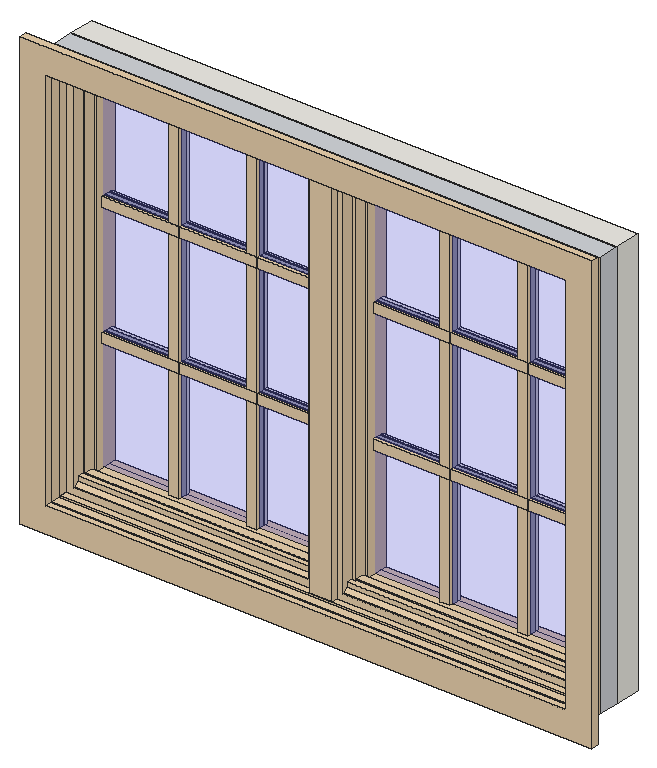
Revit family "1 Window-Casement-Andersen-400_Series_Twin", category Windows, host Wall, Revit 2014 (continued)
Dimensions and locks (in)
  locked: plane 52 "Interior Casing" to host wall at 0.625
  locked: Extrusion 2 to host wall at 12
  "Rough Opening Offset": plane 24 "R Rough Opening" to plane 4 "R Frame"
  "Rough Opening Offset": plane 5 "L Frame" to plane 14 "L Rough Opening"
  "Xjamb 2": plane 13 "L Xjamb 2" to plane 5 "L Frame"
  "Xjamb 2": plane 4 "R Frame" to plane 23 "R Xjamb 2"
  locked: plane 4 "R Frame" to plane 59 "R Sash" at 0.58
  locked: plane 60 "L Sash" to plane 5 "L Frame" at 0.58
  locked: plane 47 "Flange" to plane 61 "Stop S1" at 3
  locked: plane 62 "T Sash" to plane 7 "T Frame" at 0.75
  locked: plane 63 "T Int Frame" to plane 7 "T Frame" at 1.11
  locked: plane 6 "B Frame" to plane 64 "B Int Frame" at 0.985
  locked: plane 65 "L Int Frame" to plane 5 "L Frame" at 1.109
  locked: plane 4 "R Frame" to plane 66 "R Int Frame" at 1.109
  locked: Extrusion 11 sketch curve to plane 20 "R Stop" at 0.188
  locked: Extrusion 11 sketch curve to plane 61 "Stop S1" at 1  (x2)
  locked: plane 10 "L Stop" to Extrusion 11 sketch curve at 0.188
  host wall to Extrusion 11 = 0' - 1 7/16"
  locked: plane 4 "R Frame" to Sweep 12 sketch curve at 1.09375
  "Step Jamb2": plane 49 "Frame S2" to Sweep 12 sketch curve
  "xjamb S1": host wall to plane 58 "Xjamb S1"
  "Head Stop Dim": plane 67 "T Stop" to plane 7 "T Frame"
  "Sill Stop Dim": plane 6 "B Frame" to plane 68 "B Stop"
  locked: cut or joined group of Extrusion 10, Extrusion 11, Sweep 12, Extrusion 13, Extrusion 15 to Extrusion 10 sketch curve at 1.515
  locked: plane 48 "Sash1 S2" to Extrusion 10 sketch curve at 0.267
  locked: plane 48 "Sash1 S2" to Extrusion 10 sketch curve at 1
  locked: Extrusion 10 sketch curve to Extrusion 10 sketch curve at 0.077
  locked: Extrusion 10 sketch curve to Extrusion 10 sketch curve at 0.56794
  locked: Extrusion 10 sketch curve to Extrusion 10 sketch curve at 0.41084
  locked: Extrusion 10 sketch curve to Extrusion 10 sketch curve at 0.28306
  locked: Extrusion 10 sketch curve to Extrusion 10 sketch curve at 0.751
  locked: plane 48 "Sash1 S2" to Extrusion 10 sketch curve at 2
  locked: Extrusion 13 sketch curve to plane 63 "T Int Frame" at 0.795
  locked: Extrusion 13 sketch curve to plane 63 "T Int Frame" at 1.15563
  locked: plane 48 "Sash1 S2" to Extrusion 13 sketch curve at 1
  locked: Masking region 5 sketch curve to plane 6 "B Frame" at 0.1875
  locked: Extrusion 5 sketch curve to plane 6 "B Frame" at 0.1875
  "Step Jamb2": plane 49 "Frame S2" to Masking region 11 sketch curve
  locked: Extrusion 14 sketch curve to Extrusion 14 sketch curve at 0.69988
  locked: Extrusion 14 sketch curve to Extrusion 14 sketch curve at 2.312
  locked: Extrusion 15 sketch curve to Extrusion 15 sketch curve at 1.0675  (x2)
  locked: Extrusion 15 sketch curve to Extrusion 15 sketch curve at 0.9325  (x2)
  locked: Extrusion 15 sketch curve to Extrusion 15 sketch curve at 0.518
  locked: Extrusion 15 sketch curve to Extrusion 15 sketch curve at 0.36  (x2)
  locked: Extrusion 15 sketch curve to Extrusion 15 sketch curve at 0.531  (x2)
  locked: Extrusion 15 sketch curve to Extrusion 15 sketch curve at 1.95
  Extrusion 15 sketch curve to Extrusion 15 sketch curve = 0' - 0.518"
  equal spacing: Extrusion 14, plane 3 "Center (Left/Right)", Extrusion 14, locked at 0.34994 each
  equal spacing: Extrusion 15, plane 3 "Center (Left/Right)", Extrusion 15, locked at 1.866 each
  equal spacing: curve 313, plane 3 "Center (Left/Right)", curve 286, locked at 0.352 each
  group 11 to group 10 = 1' - 11.86394"
  group 10 to group 11 = 0' - 0"  (x2)
  equal spacing: nested 2, curve 258, nested 2
  equal spacing: nested 1, curve 260, nested 1
  locked: plane 40 "B Casing 1" to Masking region 5 sketch curve (angle 10.00°)
  locked: plane 40 "B Casing 1" to Masking region 6 sketch curve (angle 10.00°)
  locked: plane 40 "B Casing 1" to Extrusion 5 sketch curve (angle 10.00°)
  aligned and locked: level to plane 2
  aligned and locked: plane 7 "T Frame" to Extrusion 1 sketch curve
  aligned and locked: plane 5 "L Frame" to Extrusion 1 sketch curve
  aligned and locked: Extrusion 1 sketch curve to plane 4 "R Frame"
  aligned and locked: Extrusion 1 sketch curve to plane 6 "B Frame"
  aligned and locked: host wall to Extrusion 1
  aligned and locked: plane 47 "Flange" to Extrusion 1
  aligned and locked: Masking region 1 sketch curve to plane 46 "Frame S1"
  aligned and locked: Masking region 1 sketch curve to plane 4 "R Frame"
  aligned and locked: plane 5 "L Frame" to Masking region 1 sketch curve
  aligned and locked: plane 47 "Flange" to Masking region 2 sketch curve  (x2)
  aligned and locked: plane 4 "R Frame" to Masking region 2 sketch curve
  aligned and locked: plane 46 "Frame S1" to Masking region 2 sketch curve
  aligned and locked: Masking region 2 sketch curve to plane 5 "L Frame"
  aligned and locked: plane 17 "L Casing 4" to Masking region 2 sketch curve
  aligned and locked: Masking region 2 sketch curve to plane 44 "Casing S1"
  aligned and locked: plane 45 "Casing S2" to curve 1
  aligned and locked: plane 12 "L Casing 1" to curve 3
  aligned and locked: plane 46 "Frame S1" to curve 3
  aligned and locked: Masking region 2 sketch curve to plane 27 "R Casing 4"
  aligned and locked: plane 46 "Frame S1" to curve 8
  aligned and locked: Masking region 3 sketch curve to plane 4 "R Frame"
  aligned and locked: plane 5 "L Frame" to Masking region 3 sketch curve
  aligned and locked: Masking region 3 sketch curve to plane 51 "Exterior Offset"
  aligned and locked: plane 51 "Exterior Offset" to curve 9
  aligned and locked: plane 51 "Exterior Offset" to curve 10
  aligned and locked: host wall to curve 11
  aligned and locked: plane 7 "T Frame" to Masking region 4 sketch curve
  aligned and locked: Masking region 4 sketch curve to plane 6 "B Frame"
  aligned and locked: Masking region 4 sketch curve to plane 46 "Frame S1"
  aligned and locked: plane 46 "Frame S1" to Masking region 5 sketch curve
  aligned and locked: Masking region 5 sketch curve to plane 46 "Frame S1"
  aligned and locked: Masking region 5 sketch curve to plane 47 "Flange"
  aligned and locked: Masking region 5 sketch curve to plane 6 "B Frame"
  aligned and locked: plane 41 "B Casing 2" to Masking region 5 sketch curve
  aligned and locked: Masking region 6 sketch curve to plane 46 "Frame S1"
  aligned and locked: plane 44 "Casing S1" to Masking region 6 sketch curve
  aligned and locked: Masking region 6 sketch curve to plane 36 "T Casing 4"
  aligned and locked: Masking region 6 sketch curve to plane 47 "Flange"
  aligned and locked: plane 7 "T Frame" to Masking region 6 sketch curve
  aligned and locked: plane 45 "Casing S2" to curve 13
  aligned and locked: plane 31 "T Casing 1" to curve 15
  aligned and locked: plane 46 "Frame S1" to curve 15
  aligned and locked: plane 5 "L Frame" to curve 17
  aligned and locked: Masking region 3 sketch curve to host wall
  aligned and locked: plane 30 "T Xjamb 1" to Extrusion 3 sketch curve
  aligned and locked: plane 32 "T Xjamb 2" to Extrusion 3 sketch curve
  aligned and locked: Extrusion 3 sketch curve to plane 21 "R Xjamb 1"
  aligned and locked: Extrusion 3 sketch curve to plane 23 "R Xjamb 2"
  aligned and locked: plane 11 "L Xjamb 1" to Extrusion 3 sketch curve
  aligned and locked: plane 13 "L Xjamb 2" to Extrusion 3 sketch curve
  aligned and locked: Extrusion 3 sketch curve to plane 50 "B Xjamb 1"
  aligned and locked: Extrusion 3 sketch curve to plane 39 "B Xjamb 2"
  aligned and locked: plane 30 "T Xjamb 1" to Extrusion 4 sketch curve
  aligned and locked: plane 37 "T Int Casing" to Extrusion 4 sketch curve
  aligned and locked: Extrusion 4 sketch curve to plane 21 "R Xjamb 1"
  aligned and locked: Extrusion 4 sketch curve to plane 28 "R Int Casing"
  aligned and locked: plane 11 "L Xjamb 1" to Extrusion 4 sketch curve
  aligned and locked: plane 43 "L Int Casing" to Extrusion 4 sketch curve
  aligned and locked: Extrusion 4 sketch curve to plane 50 "B Xjamb 1"
  aligned and locked: Extrusion 4 sketch curve to plane 42 "B Int Casing"
  aligned and locked: Extrusion 4 to host wall
  aligned and locked: Extrusion 4 to plane 52 "Interior Casing"
  aligned and locked: plane 41 "B Casing 2" to Extrusion 5 sketch curve
  aligned and locked: plane 41 "B Casing 2" to Sweep 6 sketch curve  (x2)
  aligned and locked: plane 17 "L Casing 4" to Sweep 6 sketch curve  (x2)
  aligned and locked: Sweep 6 sketch curve to plane 27 "R Casing 4"
  aligned and locked: plane 36 "T Casing 4" to Sweep 6 sketch curve
  aligned and locked: plane 16 "L Casing 3" to Sweep 6 sketch curve
  aligned and locked: plane 45 "Casing S2" to Sweep 6 sketch curve
  aligned and locked: Sweep 6 sketch curve to plane 44 "Casing S1"
  aligned and locked: plane 47 "Flange" to Sweep 6 sketch curve
  aligned and locked: Sweep 6 sketch curve to plane 12 "L Casing 1"
  aligned and locked: Sweep 6 sketch curve to plane 45 "Casing S2"
  aligned and locked: plane 15 "L Casing 2" to Sweep 6 sketch curve
  aligned and locked: Extrusion 5 to plane 17 "L Casing 4"
  aligned and locked: plane 27 "R Casing 4" to Extrusion 5
  aligned and locked: plane 31 "T Casing 1" to Extrusion 7 sketch curve
  aligned and locked: plane 36 "T Casing 4" to Extrusion 7 sketch curve
  aligned and locked: plane 12 "L Casing 1" to Extrusion 7 sketch curve
  aligned and locked: plane 17 "L Casing 4" to Extrusion 7 sketch curve
  aligned and locked: Extrusion 7 sketch curve to plane 22 "R Casing 1"
  aligned and locked: Extrusion 7 sketch curve to plane 27 "R Casing 4"
  aligned and locked: Extrusion 7 sketch curve to plane 41 "B Casing 2"
  aligned and locked: plane 44 "Casing S1" to Extrusion 7
  aligned and locked: plane 47 "Flange" to Extrusion 7
  aligned and locked: Extrusion 5 sketch curve to plane 47 "Flange"
  aligned and locked: host wall to Masking region 7 sketch curve
  aligned and locked: plane 4 "R Frame" to Masking region 7 sketch curve
  aligned and locked: Masking region 7 sketch curve to plane 5 "L Frame"
  aligned and locked: plane 51 "Exterior Offset" to Masking region 7 sketch curve
  aligned and locked: plane 27 "R Casing 4" to Masking region 7 sketch curve
  aligned and locked: Masking region 7 sketch curve to plane 17 "L Casing 4"
  aligned and locked: host wall to curve 9
  aligned and locked: plane 7 "T Frame" to Extrusion 8 sketch curve
  aligned and locked: Extrusion 8 sketch curve to plane 4 "R Frame"
  aligned and locked: Extrusion 8 sketch curve to plane 6 "B Frame"
  aligned and locked: plane 5 "L Frame" to Extrusion 8 sketch curve
  aligned and locked: plane 29 "T Ext Frame" to Extrusion 8 sketch curve
  aligned and locked: Extrusion 8 sketch curve to plane 19 "R Ext Frame"
  aligned and locked: plane 9 "L Ext Frame" to Extrusion 8 sketch curve
  aligned and locked: Extrusion 8 sketch curve to plane 38 "B Ext Frame"
  aligned and locked: plane 46 "Frame S1" to Extrusion 8
  aligned and locked: plane 48 "Sash1 S2" to curve 8
  aligned and locked: plane 48 "Sash1 S2" to curve 7
  aligned and locked: plane 49 "Frame S2" to Masking region 1 sketch curve
  aligned and locked: plane 61 "Stop S1" to curve 69
  aligned and locked: plane 61 "Stop S1" to curve 67
  aligned and locked: Masking region 1 sketch curve to plane 49 "Frame S2"
  aligned and locked: plane 61 "Stop S1" to Masking region 4 sketch curve
  aligned and locked: plane 49 "Frame S2" to Masking region 4 sketch curve
  aligned and locked: Masking region 4 sketch curve to plane 49 "Frame S2"
  aligned and locked: Extrusion 8 to plane 48 "Sash1 S2"
  aligned and locked: plane 63 "T Int Frame" to Extrusion 9 sketch curve
  aligned and locked: plane 65 "L Int Frame" to Extrusion 9 sketch curve
  aligned and locked: Extrusion 9 sketch curve to plane 66 "R Int Frame"
  aligned and locked: Extrusion 9 sketch curve to plane 64 "B Int Frame"
  aligned and locked: Extrusion 9 sketch curve to plane 6 "B Frame"
  aligned and locked: Extrusion 9 sketch curve to plane 4 "R Frame"
  aligned and locked: plane 7 "T Frame" to Extrusion 9 sketch curve
  aligned and locked: plane 5 "L Frame" to Extrusion 9 sketch curve
  aligned and locked: plane 48 "Sash1 S2" to Extrusion 9
  aligned and locked: Extrusion 9 to plane 49 "Frame S2"
  aligned and locked: plane 66 "R Int Frame" to Extrusion 10
  aligned and locked: Extrusion 10 to plane 65 "L Int Frame"
  aligned and locked: Extrusion 11 sketch curve to plane 48 "Sash1 S2"
  aligned and locked: Extrusion 11 sketch curve to plane 66 "R Int Frame"
  aligned and locked: plane 61 "Stop S1" to Extrusion 11 sketch curve
  aligned and locked: plane 20 "R Stop" to Extrusion 11 sketch curve
  aligned and locked: plane 10 "L Stop" to Extrusion 11 sketch curve
  aligned and locked: plane 48 "Sash1 S2" to Extrusion 11 sketch curve
  aligned and locked: Extrusion 11 sketch curve to plane 65 "L Int Frame"
  aligned and locked: Extrusion 11 sketch curve to plane 61 "Stop S1"
  aligned and locked: plane 64 "B Int Frame" to Extrusion 11
  aligned and locked: Extrusion 11 to plane 63 "T Int Frame"
  aligned and locked: Masking region 1 sketch curve to plane 66 "R Int Frame"
  aligned and locked: Masking region 1 sketch curve to plane 65 "L Int Frame"
  aligned and locked: plane 7 "T Frame" to Sweep 12 sketch curve
  aligned and locked: plane 5 "L Frame" to Sweep 12 sketch curve
  aligned and locked: Sweep 12 sketch curve to plane 6 "B Frame"
  aligned and locked: Sweep 12 sketch curve to plane 4 "R Frame"
  aligned and locked: Sweep 12 sketch curve to plane 49 "Frame S2"
  aligned and locked: plane 58 "Xjamb S1" to Extrusion 3
  aligned and locked: host wall to Extrusion 3
  aligned and locked: Masking region 4 sketch curve to plane 63 "T Int Frame"
  aligned and locked: Masking region 4 sketch curve to plane 64 "B Int Frame"
  aligned and locked: plane 48 "Sash1 S2" to Extrusion 10 sketch curve
  aligned and locked: plane 64 "B Int Frame" to Extrusion 10 sketch curve
  aligned and locked: plane 4 "R Frame" to curve 96
  aligned and locked: plane 5 "L Frame" to curve 96
  aligned and locked: host wall to curve 96
  aligned and locked: Masking region 8 sketch curve to plane 58 "Xjamb S1"  (x2)
  aligned and locked: Masking region 8 sketch curve to Sweep 12  (x3)
  aligned and locked: Masking region 8 sketch curve to plane 63 "T Int Frame"
  aligned and locked: Masking region 8 sketch curve to plane 61 "Stop S1"
  aligned and locked: plane 64 "B Int Frame" to Masking region 8 sketch curve
  aligned and locked: Masking region 9 sketch curve to plane 32 "T Xjamb 2"
  aligned and locked: plane 58 "Xjamb S1" to Masking region 9 sketch curve  (x2)
  aligned and locked: plane 63 "T Int Frame" to Masking region 9 sketch curve
  aligned and locked: plane 61 "Stop S1" to Masking region 9 sketch curve
  aligned and locked: Masking region 9 sketch curve to plane 64 "B Int Frame"
  aligned and locked: plane 39 "B Xjamb 2" to Masking region 9 sketch curve
  aligned and locked: host wall to Masking region 9 sketch curve
  aligned and locked: host wall to Masking region 10 sketch curve
  aligned and locked: Masking region 10 sketch curve to plane 42 "B Int Casing"
  aligned and locked: plane 52 "Interior Casing" to Masking region 10 sketch curve
  aligned and locked: plane 37 "T Int Casing" to Masking region 10 sketch curve
  aligned and locked: plane 58 "Xjamb S1" to curve 100
  aligned and locked: Sweep 12 to curve 100
  aligned and locked: plane 64 "B Int Frame" to curve 100
  aligned and locked: plane 58 "Xjamb S1" to curve 101
  aligned and locked: host wall to curve 101
  aligned and locked: plane 50 "B Xjamb 1" to curve 101
  aligned and locked: plane 52 "Interior Casing" to curve 102
  aligned and locked: plane 50 "B Xjamb 1" to curve 102
  aligned and locked: plane 58 "Xjamb S1" to curve 97
  aligned and locked: Sweep 12 to curve 97
  aligned and locked: plane 63 "T Int Frame" to curve 97
  aligned and locked: plane 58 "Xjamb S1" to curve 98
  aligned and locked: host wall to curve 98
  aligned and locked: plane 30 "T Xjamb 1" to curve 98
  aligned and locked: plane 52 "Interior Casing" to curve 99
  aligned and locked: plane 30 "T Xjamb 1" to curve 99
  aligned and locked: Masking region 11 sketch curve to plane 58 "Xjamb S1"  (x2)
  aligned and locked: plane 66 "R Int Frame" to Masking region 11 sketch curve
  aligned and locked: Masking region 11 sketch curve to plane 61 "Stop S1"
  aligned and locked: Masking region 11 sketch curve to plane 65 "L Int Frame"
  aligned and locked: Masking region 11 sketch curve to Sweep 12  (x2)
  aligned and locked: Masking region 12 sketch curve to plane 58 "Xjamb S1"  (x2)
  aligned and locked: plane 66 "R Int Frame" to Masking region 12 sketch curve
  aligned and locked: Masking region 12 sketch curve to plane 61 "Stop S1"
  aligned and locked: Masking region 12 sketch curve to plane 65 "L Int Frame"
  aligned and locked: plane 13 "L Xjamb 2" to Masking region 12 sketch curve
  aligned and locked: Masking region 12 sketch curve to host wall
  aligned and locked: Masking region 12 sketch curve to plane 23 "R Xjamb 2"
  aligned and locked: host wall to Masking region 13 sketch curve
  aligned and locked: plane 43 "L Int Casing" to Masking region 13 sketch curve
  aligned and locked: plane 52 "Interior Casing" to Masking region 13 sketch curve
  aligned and locked: Masking region 13 sketch curve to plane 28 "R Int Casing"
  aligned and locked: plane 58 "Xjamb S1" to curve 106
  aligned and locked: Sweep 12 to curve 106
  aligned and locked: plane 65 "L Int Frame" to curve 106
  aligned and locked: plane 58 "Xjamb S1" to curve 107
  aligned and locked: host wall to curve 107
  aligned and locked: plane 11 "L Xjamb 1" to curve 107
  aligned and locked: plane 52 "Interior Casing" to curve 108
  aligned and locked: plane 11 "L Xjamb 1" to curve 108
  aligned and locked: plane 58 "Xjamb S1" to curve 103
  aligned and locked: Sweep 12 to curve 103
  aligned and locked: plane 66 "R Int Frame" to curve 103
  aligned and locked: plane 58 "Xjamb S1" to curve 104
  aligned and locked: host wall to curve 104
  aligned and locked: plane 21 "R Xjamb 1" to curve 104
  aligned and locked: plane 52 "Interior Casing" to curve 105
  aligned and locked: plane 21 "R Xjamb 1" to curve 105
  aligned and locked: plane 61 "Stop S1" to Masking region 1 sketch curve
  aligned and locked: Extrusion 13 sketch curve to plane 63 "T Int Frame"
  aligned and locked: plane 48 "Sash1 S2" to Extrusion 13 sketch curve
  aligned and locked: Extrusion 13 sketch curve to plane 61 "Stop S1"
  aligned and locked: Extrusion 13 to plane 65 "L Int Frame"
  aligned and locked: plane 66 "R Int Frame" to Extrusion 13
  aligned and locked: plane 4 "R Frame" to curve 18
  aligned and locked: plane 47 "Flange" to curve 18
  aligned and locked: plane 5 "L Frame" to curve 50
  aligned and locked: curve 50 to plane 47 "Flange"
  aligned and locked: plane 6 "B Frame" to curve 89
  aligned and locked: plane 47 "Flange" to curve 89
  aligned and locked: plane 7 "T Frame" to curve 88
  aligned and locked: plane 47 "Flange" to curve 88
  aligned and locked: plane 25 "R Casing 2" to curve 5
  aligned and locked: plane 45 "Casing S2" to curve 4
  aligned and locked: plane 26 "R Casing 3" to curve 4
  aligned and locked: plane 44 "Casing S1" to curve 4
  aligned and locked: plane 15 "L Casing 2" to curve 2
  aligned and locked: plane 16 "L Casing 3" to curve 1
  aligned and locked: plane 34 "T Casing 2" to curve 14
  aligned and locked: plane 35 "T Casing 3" to curve 13
  aligned and locked: plane 44 "Casing S1" to curve 13
  aligned and locked: Extrusion 5 sketch curve to plane 6 "B Frame"
  aligned and locked: Masking region 6 sketch curve to cut or joined group of Extrusion 5, Sweep 6
  aligned and locked: Extrusion 7 sketch curve to plane 6 "B Frame"
  aligned and locked: plane 44 "Casing S1" to curve 186
  aligned and locked: plane 47 "Flange" to curve 186
  aligned and locked: plane 49 "Frame S2" to curve 187
  aligned and locked: plane 44 "Casing S1" to curve 184
  aligned and locked: plane 47 "Flange" to curve 184
  aligned and locked: plane 49 "Frame S2" to curve 185
  aligned and locked: plane 17 "L Casing 4" to curve 186
  aligned and locked: plane 5 "L Frame" to curve 187
  aligned and locked: plane 27 "R Casing 4" to curve 184
  aligned and locked: plane 4 "R Frame" to curve 185
  aligned and locked: plane 47 "Flange" to curve 188
  aligned and locked: plane 36 "T Casing 4" to curve 188
  aligned and locked: plane 46 "Frame S1" to curve 189
  aligned and locked: plane 49 "Frame S2" to curve 189
  aligned and locked: plane 7 "T Frame" to curve 189
  aligned and locked: plane 44 "Casing S1" to curve 190
  aligned and locked: plane 47 "Flange" to curve 190
  aligned and locked: plane 41 "B Casing 2" to curve 190
  aligned and locked: plane 46 "Frame S1" to curve 191
  aligned and locked: plane 49 "Frame S2" to curve 191
  aligned and locked: plane 6 "B Frame" to curve 191
  aligned and locked: plane 47 "Flange" to curve 185
  aligned and locked: plane 47 "Flange" to curve 187
  aligned and locked: plane 19 "R Ext Frame" to curve 7
  aligned and locked: plane 19 "R Ext Frame" to curve 68
  aligned and locked: plane 9 "L Ext Frame" to curve 8
  aligned and locked: plane 9 "L Ext Frame" to curve 66
  aligned and locked: plane 38 "B Ext Frame" to nested 1
  aligned and locked: plane 9 "L Ext Frame" to nested 1
  aligned and locked: nested 1 to plane 48 "Sash1 S2"
  aligned and locked: Extrusion 8 to plane 38 "B Ext Frame"
  aligned and locked: curve 68 to plane 48 "Sash1 S2"
  aligned and locked: plane 48 "Sash1 S2" to curve 66
  aligned and locked: plane 46 "Frame S1" to Extrusion 14
  aligned and locked: plane 48 "Sash1 S2" to Extrusion 15
  aligned and locked: plane 38 "B Ext Frame" to Extrusion 14
  aligned and locked: Extrusion 14 to plane 29 "T Ext Frame"
  aligned and locked: plane 64 "B Int Frame" to Extrusion 15
  aligned and locked: Extrusion 15 to plane 63 "T Int Frame"
  aligned and locked: nested 2 to nested 2
  aligned and locked: plane 38 "B Ext Frame" to nested 2
  aligned and locked: plane 19 "R Ext Frame" to nested 2
  aligned and locked: curve 379 to curve 315
  aligned and locked: curve 380 to curve 286
  aligned and locked: curve 390 to curve 313
  aligned and locked: curve 389 to curve 311
  aligned and locked: curve 388 to curve 289
  aligned and locked: curve 387 to curve 316
  aligned and locked: curve 288 to curve 386
  aligned and locked: curve 318 to curve 385
  aligned and locked: curve 384 to curve 261
  aligned and locked: curve 383 to curve 317
  aligned and locked: curve 262 to curve 382
  aligned and locked: curve 381 to curve 284
  aligned and locked: curve 391 to curve 374
  aligned and locked: curve 392 to curve 345
  aligned and locked: curve 402 to curve 372
  aligned and locked: curve 401 to curve 370
  aligned and locked: curve 400 to curve 348
  aligned and locked: curve 399 to curve 375
  aligned and locked: curve 347 to curve 398
  aligned and locked: curve 377 to curve 397
  aligned and locked: curve 396 to curve 320
  aligned and locked: curve 395 to curve 376
  aligned and locked: curve 321 to curve 394
  aligned and locked: curve 393 to curve 343
  aligned and locked: curve 379 to plane 46 "Frame S1"
  aligned and locked: nested 2 to plane 48 "Sash1 S2"
  aligned and locked: cut or joined group of Extrusion 8, Extrusion 14 to curve 258
  aligned and locked: nested 2 to curve 257
  aligned and locked: curve 260 to cut or joined group of Extrusion 8, Extrusion 14
  aligned and locked: nested 1 to curve 259
  aligned and locked: plane 44 "Casing S1" to curve 16
  aligned and locked: plane 44 "Casing S1" to curve 17
Automatic sketch dimensions
  curve 16 to curve 16 = 0' - 0 3/16"
  curve 145 to curve 147 = 0' - 0.655"
  curve 147 to curve 70 = 0' - 1.549"
  curve 71 to curve 141 = 0' - 0.107"
  curve 141 to curve 77 = 0' - 0.066"
  curve 77 to curve 86 = 0' - 0.626"
  curve 74 to curve 140 = 0' - 0.844"
  curve 87 to curve 76 = 0' - 0.371"
  curve 80 to curve 79 = 0' - 0.313"
  curve 79 to curve 78 = 0' - 0.187"
  curve 78 to curve 144 = 0' - 0.07303"
  curve 148 to curve 145 = 0' - 0.345"
  curve 72 to curve 72 = 0' - 0.345"
  curve 142 to curve 71 = 0' - 0.549"
  curve 76 to curve 83 = 0' - 0.096"
  curve 70 to curve 88 = 0' - 0.451"
  curve 84 to curve 86 = 0' - 0.096"
  curve 143 to curve 143 = 0' - 0.23897"
  curve 77 to curve 87 = 0' - 0.0062"
  curve 77 to curve 147 = 0' - 0.109"
  curve 86 to curve 85 = 0' - 0.25024"
  curve 73 to curve 147 = 0' - 0.361"
  curve 85 to curve 85 = 0' - 0.23255"
  curve 76 to curve 139 = 0' - 0.053"
  curve 76 to curve 141 = 0' - 0.4378"
  curve 148 to curve 145 = 0' - 0.545"
  curve 71 to curve 74 = 0' - 0.174"
  curve 145 to curve 72 = 0' - 0 1/4"
  curve 74 to curve 80 = 0' - 0.281"
  curve 80 to curve 79 = 0' - 0.156"
  curve 74 to curve 70 = 0' - 0.533"
  curve 70 to curve 144 = 0' - 0.08989"
  curve 82 to curve 86 = 0' - 0.0062"
  curve 77 to curve 83 = 0' - 0"
  curve 82 to curve 84 = 0' - 0.13544"
  curve 73 to curve 81 = 0' - 0.081"
  curve 142 to curve 75 = 0' - 0.217"
  curve 70 to curve 88 = 0' - 0.653"
  curve 88 to curve 88 = 0' - 1 5/8"
  curve 175 to curve 151 = 0' - 0.196"
  curve 175 to curve 177 = 0' - 0.28306"
  curve 152 to curve 183 = 0' - 0.27094"
  curve 152 to curve 178 = 0' - 0.56794"
  curve 178 to curve 179 = 0' - 0.733"
  curve 179 to curve 180 = 0' - 0.267"
  curve 154 to curve 173 = 0' - 0.549"
  curve 150 to curve 169 = 0' - 0.107"
  curve 169 to curve 156 = 0' - 0.066"
  curve 156 to curve 166 = 0' - 0.626"
  curve 153 to curve 159 = 0' - 0.844"
  curve 166 to curve 164 = 0' - 0.371"
  curve 159 to curve 158 = 0' - 0.313"
  curve 158 to curve 158 = 0' - 0.187"
  curve 157 to curve 172 = 0' - 0.07303"
  curve 176 to curve 175 = 0' - 0.149"
  curve 151 to curve 151 = 0' - 0.345"
  curve 183 to curve 177 = 0' - 0.047"
  curve 156 to curve 163 = 0' - 0.096"
  curve 149 to curve 89 = 0' - 0.451"
  curve 161 to curve 166 = 0' - 0.096"
  curve 171 to curve 171 = 0' - 0.23897"
  curve 171 to curve 149 = 0' - 0.08989"
  curve 149 to curve 158 = 0' - 0.096"
  curve 158 to curve 168 = 0' - 0.156"
  curve 149 to curve 151 = 0' - 0.457"
  curve 159 to curve 153 = 0' - 0.281"
  curve 153 to curve 173 = 0' - 0.174"
  curve 150 to curve 170 = 0' - 0.0882"
  curve 150 to curve 154 = 0' - 0.217"
  curve 173 to curve 175 = 0' - 0.437"
  curve 153 to curve 167 = 0' - 0.647"
  curve 169 to curve 155 = 0' - 0.4378"
  curve 175 to curve 183 = 0' - 0.267"
  curve 155 to curve 165 = 0' - 0.23255"
  curve 182 to curve 152 = 0' - 0.07316"
  curve 154 to curve 154 = 0' - 0.768"
  curve 164 to curve 165 = 0' - 0.25024"
  curve 155 to curve 160 = 0' - 0.489"
  curve 182 to curve 178 = 0' - 0.484"
  curve 154 to curve 179 = 0' - 0.28"
  curve 89 to curve 149 = 0' - 2.153"
  curve 89 to curve 149 = 0' - 0.528"
  curve 163 to curve 156 = 0' - 0.13544"
  curve 160 to curve 154 = 0' - 0.095"
  curve 181 to curve 177 = 0' - 0.296"
  curve 165 to curve 161 = 0' - 0.0062"
  curve 156 to curve 162 = 0' - 0"
  curve 109 to curve 109 = 0' - 0.05924"
  curve 109 to curve 24 = 0' - 0.094"
  curve 109 to curve 23 = 0' - 0.1128"
  curve 23 to curve 21 = 0' - 0.02383"
  curve 21 to curve 21 = 0' - 0.12559"
  curve 23 to curve 113 = 0' - 0.30812"
  curve 21 to curve 116 = 0' - 0.30153"
  curve 22 to curve 111 = 0' - 0.25884"
  curve 22 to curve 25 = 0' - 0.6057"
  curve 111 to curve 27 = 0' - 0.4"
  curve 19 to curve 90 = 0' - 0.531"
  curve 90 to curve 90 = 0' - 0.36"
  curve 26 to curve 26 = 0' - 0 5/8"
  curve 27 to curve 27 = 0' - 0 5/8"
  curve 18 to curve 109 = 0' - 2.04524"
  curve 18 to curve 109 = 0' - 0.54524"
  curve 115 to curve 111 = 0' - 0.291"
  curve 40 to curve 41 = 0' - 0.35617"
  curve 46 to curve 26 = 0' - 0.12475"
  curve 45 to curve 27 = 0' - 0"
  curve 44 to curve 26 = 0' - 0"
  curve 20 to curve 115 = 0' - 1.0675"
  curve 115 to curve 116 = 0' - 0.527"
  curve 20 to curve 28 = 0' - 0.722"
  curve 19 to curve 111 = 0' - 0.291"
  curve 27 to curve 26 = 0' - 0.626"
  curve 22 to curve 110 = 0' - 0.557"
  curve 21 to curve 113 = 0' - 0 1/8"
  curve 26 to curve 136 = 0' - 0.402"
  curve 23 to curve 109 = 0' - 0.275"
  curve 109 to curve 23 = 0' - 0.038"
  curve 40 to curve 136 = 0' - 0 1/4"
  curve 91 to curve 90 = 0' - 0.9325"
  curve 19 to curve 91 = 0' - 0"
  curve 27 to curve 45 = 0' - 0.096"
  curve 18 to curve 109 = 0' - 0 3/8"
  curve 44 to curve 26 = 0' - 0.096"
  curve 24 to curve 133 = 0' - 0.312"
  curve 117 to curve 117 = 0' - 0.05924"
  curve 117 to curve 35 = 0' - 0.094"
  curve 117 to curve 34 = 0' - 0.1128"
  curve 34 to curve 32 = 0' - 0.02383"
  curve 32 to curve 32 = 0' - 0.12559"
  curve 34 to curve 121 = 0' - 0.30812"
  curve 32 to curve 124 = 0' - 0.30153"
  curve 33 to curve 119 = 0' - 0.25884"
  curve 33 to curve 36 = 0' - 0.6057"
  curve 119 to curve 38 = 0' - 0.4"
  curve 30 to curve 92 = 0' - 0.531"
  curve 92 to curve 92 = 0' - 0.36"
  curve 37 to curve 37 = 0' - 0 5/8"
  curve 38 to curve 38 = 0' - 0 5/8"
  curve 29 to curve 117 = 0' - 2.04524"
  curve 29 to curve 117 = 0' - 0.54524"
  curve 123 to curve 119 = 0' - 0.291"
  curve 42 to curve 43 = 0' - 0.35617"
  curve 49 to curve 37 = 0' - 0.12475"
  curve 48 to curve 38 = 0' - 0"
  curve 47 to curve 37 = 0' - 0"
  curve 31 to curve 123 = 0' - 1.0675"
  curve 123 to curve 124 = 0' - 0.527"
  curve 31 to curve 39 = 0' - 0.722"
  curve 30 to curve 119 = 0' - 0.291"
  curve 38 to curve 37 = 0' - 0.626"
  curve 33 to curve 118 = 0' - 0.557"
  curve 32 to curve 121 = 0' - 0 1/8"
  curve 37 to curve 137 = 0' - 0.402"
  curve 34 to curve 117 = 0' - 0.275"
  curve 117 to curve 34 = 0' - 0.038"
  curve 42 to curve 137 = 0' - 0 1/4"
  curve 93 to curve 92 = 0' - 0.9325"
  curve 30 to curve 93 = 0' - 0"
  curve 38 to curve 48 = 0' - 0.096"
  curve 29 to curve 117 = 0' - 0 3/8"
  curve 47 to curve 37 = 0' - 0.096"
  curve 35 to curve 134 = 0' - 0.312"
  curve 125 to curve 125 = 0' - 0.05924"
  curve 125 to curve 56 = 0' - 0.094"
  curve 125 to curve 55 = 0' - 0.1128"
  curve 55 to curve 53 = 0' - 0.02383"
  curve 53 to curve 53 = 0' - 0.12559"
  curve 55 to curve 129 = 0' - 0.30812"
  curve 53 to curve 132 = 0' - 0.30153"
  curve 54 to curve 127 = 0' - 0.25884"
  curve 54 to curve 57 = 0' - 0.6057"
  curve 127 to curve 59 = 0' - 0.4"
  curve 51 to curve 94 = 0' - 0.531"
  curve 94 to curve 94 = 0' - 0.36"
  curve 58 to curve 58 = 0' - 0 5/8"
  curve 59 to curve 59 = 0' - 0 5/8"
  curve 50 to curve 125 = 0' - 2.04524"
  curve 50 to curve 125 = 0' - 0.54524"
  curve 131 to curve 127 = 0' - 0.291"
  curve 61 to curve 62 = 0' - 0.35617"
  curve 65 to curve 58 = 0' - 0.12475"
  curve 64 to curve 59 = 0' - 0"
  curve 63 to curve 58 = 0' - 0"
  curve 131 to curve 52 = 0' - 1.0675"
  curve 132 to curve 131 = 0' - 0.527"
  curve 60 to curve 52 = 0' - 0.722"
  curve 127 to curve 51 = 0' - 0.291"
  curve 58 to curve 59 = 0' - 0.626"
  curve 126 to curve 54 = 0' - 0.557"
  curve 129 to curve 53 = 0' - 0 1/8"
  curve 138 to curve 58 = 0' - 0.402"
  curve 125 to curve 55 = 0' - 0.275"
  curve 55 to curve 125 = 0' - 0.038"
  curve 138 to curve 61 = 0' - 0 1/4"
  curve 94 to curve 95 = 0' - 0.9325"
  curve 51 to curve 95 = 0' - 0"
  curve 64 to curve 59 = 0' - 0.096"
  curve 125 to curve 50 = 0' - 0 3/8"
  curve 58 to curve 63 = 0' - 0.096"
  curve 135 to curve 56 = 0' - 0.312"
  curve 219 to curve 195 = 0' - 0.196"
  curve 219 to curve 221 = 0' - 0.28306"
  curve 196 to curve 227 = 0' - 0.27094"
  curve 196 to curve 222 = 0' - 0.56794"
  curve 222 to curve 223 = 0' - 0.733"
  curve 223 to curve 224 = 0' - 0.267"
  curve 198 to curve 217 = 0' - 0.549"
  curve 194 to curve 213 = 0' - 0.107"
  curve 213 to curve 200 = 0' - 0.066"
  curve 200 to curve 210 = 0' - 0.626"
  curve 197 to curve 203 = 0' - 0.844"
  curve 210 to curve 208 = 0' - 0.371"
  curve 203 to curve 202 = 0' - 0.313"
  curve 202 to curve 202 = 0' - 0.187"
  curve 201 to curve 216 = 0' - 0.07303"
  curve 220 to curve 219 = 0' - 0.149"
  curve 195 to curve 195 = 0' - 0.345"
  curve 227 to curve 221 = 0' - 0.047"
  curve 200 to curve 207 = 0' - 0.096"
  curve 193 to curve 192 = 0' - 0.451"
  curve 205 to curve 210 = 0' - 0.096"
  curve 215 to curve 215 = 0' - 0.23897"
  curve 215 to curve 193 = 0' - 0.08989"
  curve 193 to curve 202 = 0' - 0.096"
  curve 202 to curve 212 = 0' - 0.156"
  curve 193 to curve 195 = 0' - 0.457"
  curve 203 to curve 197 = 0' - 0.281"
  curve 197 to curve 217 = 0' - 0.174"
  curve 194 to curve 214 = 0' - 0.0882"
  curve 194 to curve 198 = 0' - 0.217"
  curve 217 to curve 219 = 0' - 0.437"
  curve 197 to curve 211 = 0' - 0.647"
  curve 213 to curve 199 = 0' - 0.4378"
  curve 219 to curve 227 = 0' - 0.267"
  curve 199 to curve 209 = 0' - 0.23255"
  curve 226 to curve 196 = 0' - 0.07316"
  curve 198 to curve 198 = 0' - 0.768"
  curve 208 to curve 209 = 0' - 0.25024"
  curve 199 to curve 204 = 0' - 0.489"
  curve 226 to curve 222 = 0' - 0.484"
  curve 198 to curve 223 = 0' - 0.28"
  curve 192 to curve 193 = 0' - 2.153"
  curve 192 to curve 193 = 0' - 0.528"
  curve 207 to curve 200 = 0' - 0.13544"
  curve 204 to curve 198 = 0' - 0.095"
  curve 225 to curve 221 = 0' - 0.296"
  curve 209 to curve 205 = 0' - 0.0062"
  curve 200 to curve 206 = 0' - 0"
  curve 253 to curve 255 = 0' - 0.655"
  curve 255 to curve 228 = 0' - 1.549"
  curve 229 to curve 249 = 0' - 0.107"
  curve 249 to curve 235 = 0' - 0.066"
  curve 235 to curve 244 = 0' - 0.626"
  curve 232 to curve 248 = 0' - 0.844"
  curve 245 to curve 234 = 0' - 0.371"
  curve 238 to curve 237 = 0' - 0.313"
  curve 237 to curve 236 = 0' - 0.187"
  curve 236 to curve 252 = 0' - 0.07303"
  curve 256 to curve 253 = 0' - 0.345"
  curve 230 to curve 230 = 0' - 0.345"
  curve 250 to curve 229 = 0' - 0.549"
  curve 234 to curve 241 = 0' - 0.096"
  curve 228 to curve 246 = 0' - 0.451"
  curve 242 to curve 244 = 0' - 0.096"
  curve 251 to curve 251 = 0' - 0.23897"
  curve 235 to curve 245 = 0' - 0.0062"
  curve 235 to curve 255 = 0' - 0.109"
  curve 244 to curve 243 = 0' - 0.25024"
  curve 231 to curve 255 = 0' - 0.361"
  curve 243 to curve 243 = 0' - 0.23255"
  curve 234 to curve 247 = 0' - 0.053"
  curve 234 to curve 249 = 0' - 0.4378"
  curve 256 to curve 253 = 0' - 0.545"
  curve 229 to curve 232 = 0' - 0.174"
  curve 253 to curve 230 = 0' - 0 1/4"
  curve 232 to curve 238 = 0' - 0.281"
  curve 238 to curve 237 = 0' - 0.156"
  curve 232 to curve 228 = 0' - 0.533"
  curve 228 to curve 252 = 0' - 0.08989"
  curve 240 to curve 244 = 0' - 0.0062"
  curve 235 to curve 241 = 0' - 0"
  curve 240 to curve 242 = 0' - 0.13544"
  curve 231 to curve 239 = 0' - 0.081"
  curve 250 to curve 233 = 0' - 0.217"
  curve 228 to curve 246 = 0' - 0.653"
  curve 246 to curve 246 = 0' - 1 5/8"
  curve 278 to curve 278 = 0' - 0.40436"
  curve 278 to curve 266 = 0' - 0.24385"
  curve 278 to curve 265 = 0' - 0.16837"
  curve 265 to curve 263 = 0' - 0.12725"
  curve 263 to curve 263 = 0' - 0.85725"
  curve 265 to curve 282 = 0' - 0.30812"
  curve 263 to curve 285 = 0' - 0.30153"
  curve 264 to curve 280 = 0' - 0.25884"  (x2)
  curve 264 to curve 267 = 0' - 0.78541"
  curve 280 to curve 269 = 0' - 0.41136"
  curve 261 to curve 276 = 0' - 1.54464"
  curve 276 to curve 276 = 0' - 0.36"
  curve 268 to curve 268 = 0' - 0 5/8"
  curve 269 to curve 269 = 0' - 0 5/8"
  curve 284 to curve 280 = 0' - 0.291"  (x2)
  curve 271 to curve 272 = 0' - 0.35617"
  curve 275 to curve 268 = 0' - 0.15741"
  curve 274 to curve 269 = 0' - 0.096"
  curve 273 to curve 268 = 0' - 0.096"  (x2)
  curve 262 to curve 284 = 0' - 1.0675"
  curve 284 to curve 285 = 0' - 0.60717"
  curve 262 to curve 270 = 0' - 0.76406"
  curve 261 to curve 280 = 0' - 0.31327"
  curve 269 to curve 268 = 0' - 0.626"  (x2)
  curve 264 to curve 279 = 0' - 0.69816"
  curve 263 to curve 282 = 0' - 0.31056"
  curve 268 to curve 287 = 0' - 0.402"  (x2)
  curve 265 to curve 278 = 0' - 0.32438"
  curve 278 to curve 265 = 0' - 0.10139"
  curve 271 to curve 287 = 0' - 0.25559"
  curve 277 to curve 276 = 0' - 0.9325"
  curve 261 to curve 277 = 0' - 0.74181"
  curve 269 to curve 274 = 0' - 0.096"  (x2)
  curve 266 to curve 286 = 0' - 0.32585"
  curve 295 to curve 296 = 0' - 0"
  curve 297 to curve 297 = 0' - 0 1/4"
  curve 295 to curve 299 = 0' - 0.26883"
  curve 289 to curve 304 = 0' - 0.36"
  curve 299 to curve 298 = 0' - 0.35617"
  curve 298 to curve 294 = 0' - 0.05314"
  curve 301 to curve 310 = 0' - 0.4"
  curve 307 to curve 288 = 0' - 0.116"
  curve 288 to curve 290 = 0' - 0.30153"
  curve 291 to curve 290 = 0' - 0.28429"
  curve 306 to curve 309 = 0' - 0.02383"
  curve 292 to curve 292 = 0' - 0.07804"
  curve 290 to curve 306 = 0' - 0.13663"
  curve 292 to curve 313 = 0' - 0.094"
  curve 286 to curve 278 = 0' - 0.05924"
  curve 278 to curve 267 = 0' - 0.094"
  curve 278 to curve 265 = 0' - 0.1128"
  curve 265 to curve 263 = 0' - 0.02383"
  curve 263 to curve 285 = 0' - 0.12559"
  curve 263 to curve 283 = 0' - 0.1587"
  curve 263 to curve 261 = 0' - 0.30153"
  curve 264 to curve 267 = 0' - 0.6057"
  curve 280 to curve 271 = 0' - 0.4"
  curve 317 to curve 317 = 0' - 0.531"
  curve 271 to curve 281 = 0' - 0.35617"
  curve 269 to curve 284 = 0' - 0 3/8"
  curve 272 to curve 272 = 0' - 0.26883"
  curve 269 to curve 270 = 0' - 0 5/8"
  curve 288 to curve 304 = 0' - 0.518"
  curve 261 to curve 317 = 0' - 0.518"
  curve 304 to curve 304 = 0' - 0.9325"
  curve 277 to curve 262 = 0' - 0.9325"
  curve 276 to curve 262 = 0' - 1.0675"
  curve 284 to curve 285 = 0' - 0.527"
  curve 261 to curve 271 = 0' - 0.195"
  curve 288 to curve 298 = 0' - 0.195"
  curve 288 to curve 310 = 0' - 0.291"
  curve 261 to curve 283 = 0' - 0.291"
  curve 296 to curve 295 = 0' - 0.626"
  curve 310 to curve 306 = 0' - 0.557"
  curve 283 to curve 279 = 0' - 0.557"
  curve 306 to curve 309 = 0' - 0 1/8"
  curve 279 to curve 282 = 0' - 0 1/8"
  curve 295 to curve 299 = 0' - 0.402"
  curve 265 to curve 286 = 0' - 0.275"
  curve 292 to curve 305 = 0' - 0.275"
  curve 286 to curve 265 = 0' - 0.038"
  curve 313 to curve 293 = 0' - 0.038"
  curve 293 to curve 294 = 0' - 0.187"
  curve 287 to curve 267 = 0' - 0 1/4"
  curve 293 to curve 315 = 0' - 0.312"
  curve 301 to curve 296 = 0' - 0"
  curve 300 to curve 299 = 0' - 0"
  curve 301 to curve 302 = 0' - 0.12475"
  curve 307 to curve 311 = 0' - 0.291"
  curve 275 to curve 272 = 0' - 0.12475"
  curve 273 to curve 272 = 0' - 0"
  curve 274 to curve 269 = 0' - 0"
  curve 317 to curve 319 = 0' - 0.1695"
  curve 296 to curve 302 = 0' - 0.096"
  curve 300 to curve 299 = 0' - 0.096"
  curve 275 to curve 272 = 0' - 0.096"
  curve 354 to curve 355 = 0' - 0"
  curve 356 to curve 356 = 0' - 0 1/4"
  curve 354 to curve 358 = 0' - 0.26883"
  curve 348 to curve 363 = 0' - 0.36"
  curve 358 to curve 357 = 0' - 0.35617"
  curve 357 to curve 353 = 0' - 0.05314"
  curve 360 to curve 369 = 0' - 0.4"
  curve 366 to curve 347 = 0' - 0.116"
  curve 347 to curve 349 = 0' - 0.30153"
  curve 350 to curve 349 = 0' - 0.28429"
  curve 365 to curve 368 = 0' - 0.02383"
  curve 351 to curve 351 = 0' - 0.07804"
  curve 349 to curve 365 = 0' - 0.13663"
  curve 351 to curve 372 = 0' - 0.094"
  curve 345 to curve 337 = 0' - 0.05924"
  curve 337 to curve 326 = 0' - 0.094"
  curve 337 to curve 324 = 0' - 0.1128"
  curve 324 to curve 322 = 0' - 0.02383"
  curve 322 to curve 344 = 0' - 0.12559"
  curve 322 to curve 342 = 0' - 0.1587"
  curve 322 to curve 320 = 0' - 0.30153"
  curve 323 to curve 339 = 0' - 0.25884"
  curve 323 to curve 326 = 0' - 0.6057"
  curve 339 to curve 330 = 0' - 0.4"
  curve 376 to curve 376 = 0' - 0.531"
  curve 330 to curve 340 = 0' - 0.35617"
  curve 328 to curve 343 = 0' - 0 3/8"
  curve 331 to curve 331 = 0' - 0.26883"
  curve 328 to curve 329 = 0' - 0 5/8"
  curve 347 to curve 363 = 0' - 0.518"
  curve 320 to curve 376 = 0' - 0.518"
  curve 363 to curve 363 = 0' - 0.9325"
  curve 336 to curve 321 = 0' - 0.9325"
  curve 335 to curve 321 = 0' - 1.0675"
  curve 343 to curve 344 = 0' - 0.527"
  curve 320 to curve 330 = 0' - 0.195"
  curve 347 to curve 357 = 0' - 0.195"
  curve 347 to curve 369 = 0' - 0.291"
  curve 320 to curve 342 = 0' - 0.291"
  curve 328 to curve 327 = 0' - 0.626"
  curve 355 to curve 354 = 0' - 0.626"
  curve 369 to curve 365 = 0' - 0.557"
  curve 342 to curve 338 = 0' - 0.557"
  curve 365 to curve 368 = 0' - 0 1/8"
  curve 338 to curve 341 = 0' - 0 1/8"
  curve 354 to curve 358 = 0' - 0.402"
  curve 327 to curve 346 = 0' - 0.402"
  curve 324 to curve 345 = 0' - 0.275"
  curve 351 to curve 364 = 0' - 0.275"
  curve 345 to curve 324 = 0' - 0.038"
  curve 372 to curve 352 = 0' - 0.038"
  curve 352 to curve 353 = 0' - 0.187"
  curve 346 to curve 326 = 0' - 0 1/4"
  curve 352 to curve 374 = 0' - 0.312"
  curve 360 to curve 355 = 0' - 0"
  curve 359 to curve 358 = 0' - 0"
  curve 360 to curve 361 = 0' - 0.12475"
  curve 366 to curve 370 = 0' - 0.291"
  curve 343 to curve 339 = 0' - 0.291"
  curve 334 to curve 331 = 0' - 0.12475"
  curve 332 to curve 331 = 0' - 0"
  curve 333 to curve 328 = 0' - 0"
  curve 376 to curve 378 = 0' - 0.1695"
  curve 328 to curve 333 = 0' - 0.096"
  curve 355 to curve 361 = 0' - 0.096"
  curve 359 to curve 358 = 0' - 0.096"
  curve 334 to curve 331 = 0' - 0.096"
  curve 307 to curve 310 = 0' - 0.25884"
  curve 311 to curve 312 = 0' - 0.527"
  curve 366 to curve 369 = 0' - 0.25884"
  curve 370 to curve 371 = 0' - 0.527"
  curve 389 to curve 380 = 0' - 0.704"
  curve 384 to curve 319 = 0' - 0.1695"
  curve 386 to curve 319 = 0' - 0.1695"
  curve 380 to curve 389 = 0' - 0"
  curve 401 to curve 392 = 0' - 0.704"
  curve 396 to curve 378 = 0' - 0.1695"
  curve 398 to curve 378 = 0' - 0.1695"
  curve 392 to curve 401 = 0' - 0"
  curve 188 to plane 44 "Casing S1" = 0' - 0"
  curve 69 to plane 20 "R Stop" = 0' - 0"
  curve 66 to plane 10 "L Stop" = 0' - 0"
  plane 59 "R Sash" to curve 258 = 0' - 0"
  plane 60 "L Sash" to curve 260 = 0' - 0"
  curve 257 to plane 38 "B Ext Frame" = 0' - 0"
  curve 259 to plane 38 "B Ext Frame" = 0' - 0"
  curve 260 to plane 29 "T Ext Frame" = 0' - 0"
  curve 258 to plane 29 "T Ext Frame" = 0' - 0"
  plane 68 "B Stop" to Extrusion 10 sketch curve = 0' - 0.28"
  Sweep 12 sketch curve to profile plane = 0' - 0"
  Extrusion 14 sketch curve to plane 46 "Frame S1" = 0' - 0"
  Extrusion 14 sketch curve to plane 3 "Center (Left/Right)" = 0' - 0.34994"
  Extrusion 15 sketch curve to plane 48 "Sash1 S2" = 0' - 0"
  Extrusion 15 sketch curve to plane 3 "Center (Left/Right)" = 0' - 1.866"
  curve 1 to plane 44 "Casing S1" = 0' - 0"
  curve 7 to plane 46 "Frame S1" = 0' - 0"
  curve 6 to plane 22 "R Casing 1" = 0' - 0"
  curve 6 to plane 46 "Frame S1" = 0' - 0"
  curve 17 to plane 46 "Frame S1" = 0' - 0"
  curve 16 to plane 4 "R Frame" = 0' - 0"
  curve 16 to plane 46 "Frame S1" = 0' - 0"
  host wall to curve 10 = 0' - 0"
  curve 9 to plane 20 "R Stop" = 0' - 0"
  curve 12 to plane 10 "L Stop" = 0' - 0"
Nested families (in)
  nested 1: "Andersen_Sash_Panel" at (23.514, 2.5625, 46.81311) x (-1, 0, 0) z (0, 0, 1), type "Andersen_Sash_Panel"
    with Material_Top_Setback 0' - 0 1/32", Material_Right_Setback 0' - 0 1/32", Material_Left_Setback 0' - 0 1/32", Material_Bottom_Setback 0' - 0 1/32", SingleHorzLocation 1' - 3 11/16", Rail_Top 0' - 1 13/16", DLOVertical 0' - 9 7/8", BottomBarLocation 1' - 3 1/4", BarLengthVertical 2' - 7 3/8"
  nested 2: "Andersen_Sash_Panel" at (-0.34994, 2.5625, 46.81311) x (-1, 0, 0) z (0, 0, 1), type "Andersen_Sash_Panel"
    with Material_Top_Setback 0' - 0 1/32", Material_Right_Setback 0' - 0 1/32", Material_Left_Setback 0' - 0 1/32", Material_Bottom_Setback 0' - 0 1/32", SingleHorzLocation 1' - 3 11/16", Rail_Top 0' - 1 13/16", DLOVertical 0' - 9 7/8", BottomBarLocation 1' - 3 1/4", BarLengthVertical 2' - 7 3/8"
Definition of nested family "Andersen_Sash_Panel"
  Parameters (values of type "Andersen_Sash_Panel")
    VertBarQuantity = if(LightsWide < 3, 2, LightsWide - 1)  # 2
    TFL = if(Fractional_Lights_High > 5, 3, if(or(Fractional_Lights_High = 4, Fractional_Lights_High = 5), 2, if(or(Fractional_Lights_High = 2, Fractional_Lights_High = 3), 1, 1)))  # 2
    TFB = TFL - 1  # 1
    Stile_Right = 0' - 1 3/4"
    Stile_Left = 0' - 1 3/4"
    StandardLightsHigh = 3
    SingleVertLocation = (Panel_Width - Stile_Right - Stile_Left) / 2  # 0' - 9 213/256"
    SingleVertBarVisibility = LightsWide = 2  # no
    SingleHorzLocation = (BarLengthVertical) / 2  # 1' - 3 23/32"
    SingleHorBarVisibility = or(or(or(and(LightsHigh = 2, PatternNumber = 1), and(PatternNumber = 4, Fractional_Lights_High > 1)), and(PatternNumber = 5, Fractional_Lights_High > 1)), and(PatternNumber = 2, Fractional_Lights_High > 1))  # no
    S H Fractional = and(PatternNumber = 2, or(Fractional_Lights_High = 4, Fractional_Lights_High = 5))  # no
    Rail_Top = 0' - 1 3/4"
    Rail_Bottom = 0' - 1 11/16"
    PatternNumber = 1
    Panel_Width = 1' - 11 21/128"
    Panel_Thickness = 0' - 2"
    Panel_Height = 2' - 10 7/8"
    MultipleVertBar Visibility = and(not(PatternNumber = 0), LightsWide > 2)  # yes
    MultipleHorBarVisibility = or(or(PatternNumber = 3, and(LightsHigh > 2, PatternNumber = 1)), and(PatternNumber = 2, Fractional_Lights_High > 5))  # yes
    Material_Top_Setback [instance] = 0' - 0 1/32"
    Material_Right_Setback [instance] = 0' - 0 1/32"
    Material_Left_Setback [instance] = 0' - 0 1/32"
    Material_Interior = Wood - Andersen - Pine
    Material_Exterior = Vinyl - Andersen - White
    Material_Bottom_Setback [instance] = 0' - 0 1/32"
    LightsWide = if(PatternNumber = 3, 3, [- Lights Wide])  # 3
    LightsHigh = if(PatternNumber = 2, [- Lights High] - 1, if(PatternNumber = 3, 3, [- Lights High]))  # 3
    Interior Bar Thickness = 0' - 0 23/64"
    HorBarQuantity = if(LightsHigh < 3, 2, LightsHigh - 1)  # 2
    GrilleBarSizeInt = 4
    GrilleBarSize = 0' - 0 7/8"
    Glazing = Glass ‐ Andersen - Low-E4 SmartSun
    Glass SetBack = 0' - 0 167/256"
    Glass Pane Thickness = 0' - 0 3/32"
    Glass OA Thickness = 0' - 0 5/8"
    Fractional_Lights_Wide = 3
    Fractional_Lights_High = 5
    Exterior Bar Thickness = 0' - 0 77/256"
    DLOVertical = if(PatternNumber = 1, if(LightsHigh > 2, ((BarLengthVertical - (GrilleBarSize * (LightsHigh - 1))) / LightsHigh), 0' 4"), if(PatternNumber = 3, 0' 4", if(Fractional_Lights_High > 2, ((BarLengthVertical - (GrilleBarSize * 2)) / 3), 0' 4")))  # 0' - 9.89583"
    DLOHorizontal = if(PatternNumber = 3, 0' 4", ((Panel_Width - Stile_Right - Stile_Left) - (GrilleBarSize * VertBarQuantity)) / if(LightsWide > 2, LightsWide, 3))  # 0' - 5.97135"
    BottomBarVisibility = and(PatternNumber = 2, or(Fractional_Lights_High = 4, Fractional_Lights_High = 5))  # no
    BottomBarLocation = if(PatternNumber = 1, ((Panel_Height - Rail_Top - Rail_Bottom) / 2) - (GrilleBarSize / 2), BarLengthVertical)  # 1' - 3 9/32"
    Between Glass Grille Bar Color = Stainless Steel - Andersen - Standard
    BarLengthVertical = if(or(PatternNumber = 5, PatternNumber = 2), ((((Panel_Height - Rail_Top - Rail_Bottom - (GrilleBarSize * (Fractional_Lights_High - 1))) / Fractional_Lights_High)) * TFL) + (TFB * GrilleBarSize) + Rail_Top, if(PatternNumber = 4, ((Panel_Height - Rail_Top - Rail_Bottom - (GrilleBarSize * (Fractional_Lights_High - 1))) / Fractional_Lights_High), Panel_Height - Rail_Top - Rail_Bottom))  # 2' - 7 7/16"
    BarLengthHorizontal = Panel_Width - Stile_Right - Stile_Left  # 1' - 7 85/128"
    BarIntVisibility = yes
    BarExtVisibility = yes
    BarBetweenGlassVisibility = yes
    Analytic Construction = "<None>"
    - Lights Wide = 3
    - Lights High = 3
  Reference planes (in)
    plane 1 "Front": y = 0
    plane 2 "Bottom": z = 0
    plane 3 "Left": x = 0
    plane 4 "Top": z = 34.875
    plane 5 "Right": x = 23.16406
    plane 6 "Glazing Left": x = 1.75
    plane 7 "Glazing Bottom": z = 1.6875
    plane 8 "Glazing Right": x = 21.41406
    plane 9 "Glazing Top": z = 33.125
    plane 10 "GlazingA": y = 0.65234
    plane 11 "GlazingB": y = 1.27734
    plane 12 "Back": y = 2
    plane 13: z = 1.6875
  Forms (in)
    Extrusion 1, solid, material "Wood - Andersen - Pine" <- "Material_Interior"
      sketch origin (0, 0, 0) x (1, 0, 0) y (0, 0, 1)
        loop
          line (0, 34.875) -> (0, 0) -> (23.16406, 0) -> (23.16406, 34.875) -> (0, 34.875)
        loop
          line (1.75, 33.125) -> (1.75, 1.6875) -> (21.41406, 1.6875) -> (21.41406, 33.125) -> (1.75, 33.125)
      from -2 to 0
    Extrusion 2, solid, material "Glass ‐ Andersen - Low-E4 SmartSun" <- "Glazing"
      sketch origin (0, 0, 0) x (1, 0, 0) y (0, 0, 1)
        loop
          line (1.75, 33.125) -> (1.75, 1.6875) -> (21.41406, 1.6875) -> (21.41406, 33.125) -> (1.75, 33.125)
      from -1.27734 to -0.65234
  Lines and regions (in)
    Split face 1
      outline origin (0, 0, 34.875) x (1, 0, 0) y (0, 1, 0)
        loop
          line (0, 0.03125) -> (23.16406, 0.03125)
    Split face 2
      outline origin (23.16406, 0, 34.875) x (0, 0, -1) y (0, 1, 0)
        loop
          line (0, 0.03125) -> (34.875, 0.03125)
    Split face 3
      outline origin (0, 0, 0) x (0, 0, 1) y (0, 1, 0)
        loop
          line (34.875, 0.03125) -> (0, 0.03125)
    Split face 4
      outline origin (23.16406, 0, 0) x (0, 1, 0) y (-1, 0, 0)
        loop
          line (0.03125, 23.16406) -> (0.03125, 0)
    Split face 5
      outline origin (21.41406, 0.27734, 1.6875) x (-1, 0, 0) y (0, -1, 0)
        loop
          line (19.66406, -0.375) -> (0, -0.375)
        loop
          line (19.66406, -1) -> (0, -1)
    Split face 6
      outline origin (1.75, 0, 1.6875) x (0, 0, 1) y (0, -1, 0)
        loop
          line (0, -0.65234) -> (31.4375, -0.65234)
        loop
          line (31.4375, -1.27734) -> (0, -1.27734)
    Split face 7
      outline origin (21.41406, 0, 33.125) x (0, 0, -1) y (0, -1, 0)
        loop
          line (31.4375, -0.65234) -> (0, -0.65234)
        loop
          line (0, -1.27734) -> (31.4375, -1.27734)
    Split face 8
      outline origin (1.75, 0, 33.125) x (0, -1, 0) y (1, 0, 0)
        loop
          line (-0.65234, 0) -> (-0.65234, 19.66406)
        loop
          line (-1.27734, 0) -> (-1.27734, 19.66406)
    symbolic lines, style "WindowsGlassProjection", detail levels medium+fine
      curve 1: line (1.75, 0.65234, 0) -> (21.41406, 0.65234, 0)
      curve 2: line (1.75, 1.27734, 0) -> (21.41406, 1.27734, 0)
    symbolic lines, style "WindowsGlassProjection"
      curve 3: line (0, 0.65234, 33.125) -> (0, 0.65234, 1.6875)
      curve 4: line (0, 1.27734, 33.125) -> (0, 1.27734, 1.6875)
    symbolic lines, style "WindowsGlassProjection", detail levels fine
      curve 5: line (1.75, 0.74609, 0) -> (21.41406, 0.74609, 0)
      curve 6: line (1.75, 1.18359, 0) -> (21.41406, 1.18359, 0)
      curve 7: line (0, 1.18359, 33.125) -> (0, 1.18359, 1.6875)
      curve 8: line (0, 0.74609, 33.125) -> (0, 0.74609, 1.6875)
    symbolic lines, style "WindowsFrameMullionProjection", detail levels medium
      curve 9: line (0, 2, 0) -> (1.75, 2, 0)
      curve 10: line (0, 0, 0) -> (0, 2, 0)
      curve 11: line (1.75, 0, 0) -> (0, 0, 0)
      curve 12: line (1.75, 2, 0) -> (1.75, 0, 0)
      curve 13: line (21.41406, 2, 0) -> (23.16406, 2, 0)
      curve 14: line (21.41406, 0, 0) -> (21.41406, 2, 0)
      curve 15: line (23.16406, 0, 0) -> (21.41406, 0, 0)
      curve 16: line (23.16406, 2, 0) -> (23.16406, 0, 0)
  Dimensions and locks (in)
    "Panel_Width": plane 5 "Right" to plane 3 "Left"
    "Panel_Height": plane 4 "Top" to plane 2 "Bottom"
    "Stile_Left": plane 6 "Glazing Left" to plane 3 "Left"
    "Stile_Right": plane 5 "Right" to plane 8 "Glazing Right"
    "Rail_Bottom": plane 7 "Glazing Bottom" to plane 2 "Bottom"
    "Rail_Top": plane 4 "Top" to plane 9 "Glazing Top"
    "Panel_Thickness": plane 1 "Front" to plane 12 "Back"
    "Material_Top_Setback": Extrusion 1 to Split face 1 sketch curve
    "Material_Right_Setback": Extrusion 1 to Split face 2 sketch curve
    "Material_Left_Setback": Split face 3 sketch curve to Extrusion 1
    "Material_Bottom_Setback": Extrusion 1 to Split face 4 sketch curve
    "BarLengthVertical": plane 9 "Glazing Top" to plane 13
    plane 8 "Glazing Right" to plane 6 "Glazing Left" = 1' - 7 85/128"
    group 1 to group 2 = 0' - 6.84635"
    group 1 to group 2 = 0' - 0"  (x2)
    "DLOHorizontal": nested 1 to plane 6 "Glazing Left"
    "DLOHorizontal": plane 8 "Glazing Right" to nested 2
    "Glass SetBack": plane 1 "Front" to plane 10 "GlazingA"
    "Glass Pane Thickness": curve 5 to plane 10 "GlazingA"
    "Glass OA Thickness": plane 11 "GlazingB" to plane 10 "GlazingA"
    "Glass Pane Thickness": plane 11 "GlazingB" to curve 6
    "Glass Pane Thickness": plane 11 "GlazingB" to curve 7
    "Glass Pane Thickness": curve 8 to plane 10 "GlazingA"
    "SingleVertLocation": nested 3 to plane 6 "Glazing Left"
    group 3 to group 4 = 0' - 0"  (x2)
    group 3 to group 4 = 0' - 10.77083"
    "DLOVertical": plane 9 "Glazing Top" to nested 6
    "DLOVertical": nested 5 to plane 13
    equal spacing: plane 9 "Glazing Top", nested 7, nested 4
    "BottomBarLocation": plane 9 "Glazing Top" to nested 4
    aligned and locked: plane 2 "Bottom" to level
    aligned and locked: Extrusion 1 sketch curve to plane 4 "Top"
    aligned and locked: Extrusion 1 sketch curve to plane 9 "Glazing Top"
    aligned and locked: Extrusion 1 sketch curve to plane 5 "Right"
    aligned and locked: Extrusion 1 sketch curve to plane 8 "Glazing Right"
    aligned and locked: plane 2 "Bottom" to Extrusion 1 sketch curve
    aligned and locked: plane 7 "Glazing Bottom" to Extrusion 1 sketch curve
    aligned and locked: plane 3 "Left" to Extrusion 1 sketch curve
    aligned and locked: plane 6 "Glazing Left" to Extrusion 1 sketch curve
    aligned and locked: plane 12 "Back" to Extrusion 1
    aligned and locked: plane 1 "Front" to Extrusion 1
    aligned and locked: Extrusion 2 sketch curve to plane 9 "Glazing Top"
    aligned and locked: Extrusion 2 sketch curve to plane 8 "Glazing Right"
    aligned and locked: plane 7 "Glazing Bottom" to Extrusion 2 sketch curve
    aligned and locked: plane 6 "Glazing Left" to Extrusion 2 sketch curve
    aligned and locked: plane 11 "GlazingB" to Extrusion 2
    aligned and locked: Extrusion 2 to plane 10 "GlazingA"
    aligned and locked: Split face 5 sketch curve to plane 10 "GlazingA"
    aligned and locked: Split face 5 sketch curve to plane 11 "GlazingB"
    aligned and locked: Split face 6 sketch curve to plane 10 "GlazingA"
    aligned and locked: plane 11 "GlazingB" to Split face 6 sketch curve
    aligned and locked: Split face 7 sketch curve to plane 10 "GlazingA"
    aligned and locked: plane 11 "GlazingB" to Split face 7 sketch curve
    aligned and locked: Split face 8 sketch curve to plane 10 "GlazingA"
    aligned and locked: Split face 8 sketch curve to plane 11 "GlazingB"
    aligned and locked: curve 2 to plane 11 "GlazingB"
    aligned and locked: plane 7 "Glazing Bottom" to curve 3
    aligned and locked: plane 10 "GlazingA" to curve 3
    aligned and locked: plane 9 "Glazing Top" to curve 4
    aligned and locked: plane 11 "GlazingB" to curve 4
    aligned and locked: plane 6 "Glazing Left" to curve 6
    aligned and locked: plane 8 "Glazing Right" to curve 6
    aligned and locked: Split face 5 to plane 10 "GlazingA"
    aligned and locked: plane 9 "Glazing Top" to nested 1
    aligned and locked: plane 9 "Glazing Top" to nested 2
    aligned and locked: curve 13 to plane 12 "Back"
    aligned and locked: curve 16 to plane 5 "Right"
    aligned and locked: plane 8 "Glazing Right" to curve 14
    aligned and locked: curve 15 to plane 1 "Front"
    aligned and locked: curve 12 to plane 6 "Glazing Left"
    aligned and locked: plane 3 "Left" to curve 10
    aligned and locked: curve 11 to plane 1 "Front"
    aligned and locked: curve 9 to plane 12 "Back"
    aligned and locked: plane 9 "Glazing Top" to nested 3
    aligned and locked: plane 6 "Glazing Left" to nested 4
    aligned and locked: nested 6 to plane 6 "Glazing Left"
    aligned and locked: nested 5 to plane 6 "Glazing Left"
    aligned and locked: plane 6 "Glazing Left" to nested 7
  Automatic sketch dimensions
    Split face 1 sketch curve to Extrusion 1 = 0' - 0"  (x2)
    Split face 2 sketch curve to Extrusion 1 = 0' - 0"
    Extrusion 1 to Split face 2 sketch curve = 0' - 0"
    Extrusion 1 to Split face 3 sketch curve = 0' - 0"
    Split face 3 sketch curve to Extrusion 1 = 0' - 0"
    Split face 4 sketch curve to Extrusion 1 = 0' - 0"  (x2)
